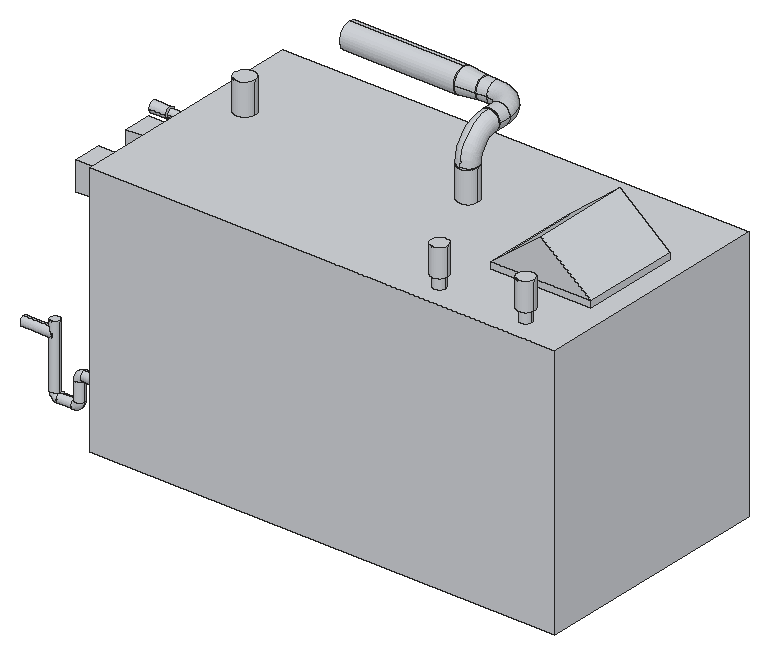
Revit family "AMP_BFIT 2000 Boiler Dual Fuel", category Mechanical Equipment, Revit 2019
Family settings
  Round Connector Dimension = Use Diameter
  Part Type = Normal
  OmniClass Number = 23.75.00.00
  OmniClass Title = Climate Control (HVAC)
  Work Plane-Based = No
  Always vertical = Yes
  Cut with Voids When Loaded = No
  Shared = No
  Room Calculation Point = No
Parameters (values of type "AMP/BFIT 2000 Boiler Dual Fuel")
  Width = 34 1/4"
  Length = 66 1/8"
  Height = 36 1/8"
  Voltage = ""
  Vent = "8\" EZ Vent"
  Manufacturer = "Bryan Steam"  # constant formula
  Hydronic Supply = "3\" Victaulic"
  Hydronic Return = "2-1/2\" Victaulic"
  Gas Train (Propane) = "1-1/4\" NPT"
  Gas Train (Natural Gas) = "1-1/4\" NPT"
  Condensate Trap = "1\" Pipe"
  Boiler Drain = "3/4\" NPT"
  Air Supply = "8\""
Reference planes
  plane 1 "Center (Front/Back)": y = 0
  plane 2: z = 0
  plane 3 "Center (Left/Right)": x = 0
  plane 4 "Vent": y = 95.25
  plane 5 "Condensate Trap": y = -304.8
  plane 6 "Supply 2.5" Victualic Elbow Style 10": x = 100.902
  plane 7 "3" Supply Manifold": z = 1127.125
  plane 8 "3" Supply Elbow Victaulic Style 10": y = 327.025
Forms (mm)
  Extrusion 1, solid
    sketch origin (0, 0, 0) x (1, 0, 0) y (0, 1, 0)
      loop
        line (-839.787, 434.975) -> (-839.787, -434.975) -> (839.788, -434.975) -> (839.788, 434.975) -> (-839.787, 434.975)
    from 0 to 917.575
  Extrusion 2, solid
    sketch origin (0, 0, 917.575) x (1, 0, 0) y (0, 1, 0)
      loop
        line (405.549, 174.625) -> (405.549, -180.975) -> (763.588, -180.975) -> (763.588, 174.625) -> (405.549, 174.625)
    from 0 to 21.63
  Extrusion 3, solid
    sketch origin (763.588, -180.975, 917.575) x (-1, 0, 0) y (0, 0, -1)
      loop
        line (358.038, -21.63) -> (0, -21.63) -> (179.019, -167.063) -> (358.038, -21.63)
    from 0 to -355.6
  Extrusion 4, solid
    sketch origin (0, 0, 917.575) x (1, 0, 0) y (0, 1, 0)
      loop
        circle (-703.262, 95.25) r 36.513
      loop
        circle (100.902, 95.25) r 36.513
    from 0 to 111.125
  Extrusion 5, solid
    sketch origin (-839.787, -434.975, 0) x (0, 1, 0) y (0, 0, -1)
      loop
        circle (714.375, -257.175) r 100.013
      loop
        circle (714.375, -257.175) r 94.456
    from 0 to 28.575
  Sweep 6, solid
    path origin (0, -304.8, 0) x (-1, 0, 0) y (0, 0, 1)
      loop
        line (839.787, 146.406) -> (960.793, 146.406)
        arc (960.793, 146.406) -> (973.15, 141.287) -> (978.268, 128.93) r 17.475
        line (978.268, 128.93) -> (978.268, 62.281)
        arc (978.268, 62.281) -> (983.387, 49.924) -> (995.743, 44.806) r 17.475
        line (995.743, 44.806) -> (1049.706, 44.806)
        arc (1049.706, 44.806) -> (1062.054, 49.92) -> (1067.168, 62.268) r 17.463
        line (1067.168, 62.268) -> (1067.168, 292.456)
    profile origin (-900.29, -304.8, 146.406) x (0, 0, 1) y (0, 1, 0)
      loop
        circle (0, 0) r 16.701
  Revolve 7, solid
    sketch origin (0, -304.8, 0) x (-1, 0, 0) y (0, 0, 1)
      loop
        line (1179.512, 247.65) -> (1179.512, 264.351) -> (1066.8, 264.351) -> (1066.8, 247.65) -> (1179.512, 247.65)
      axis (1066.8, 247.65) -> (1179.512, 247.65)
    angle from 0 to 360
  Sweep 8, solid
    path origin (100.902, 0, 0) x (0, 1, 0) y (0, 0, 1)
      loop
        line (94.688, 1028.7) -> (94.688, 1032.51)
        arc (94.688, 1032.51) -> (122.586, 1099.862) -> (189.938, 1127.76) r 95.25
        line (189.938, 1127.76) -> (193.748, 1127.76)
    profile origin (100.902, 94.688, 1030.605) x (0, -1, 0) y (1, 0, 0)
      loop
        circle (0, 0) r 36.05
  Sweep 9, solid
    path origin (0, 0, 1127.125) x (1, 0, 0) y (0, 1, 0)
      loop
        line (100.902, 193.748) -> (100.902, 238.198)
        arc (100.902, 238.198) -> (74.863, 301.059) -> (12.002, 327.098) r 88.9
        line (12.002, 327.098) -> (-29.273, 327.098)
    profile origin (100.902, 215.973, 1127.125) x (-1, 0, 0) y (0, 0, 1)
      loop
        circle (0, 0) r 36.314
  SweptBlend 10, solid
    path origin (0, 0, 1127.125) x (1, 0, 0) y (0, 1, 0)
      loop
        line (-29.273, 323.923) -> (-100.393, 323.923)
    profile origin (-29.273, 323.923, 1127.125) x (0, -1, 0) y (0, 0, 1)
      loop
        circle (-3.175, 0) r 36.314
    end profile origin (-100.393, 323.923, 1127.125) x (0, -1, 0) y (0, 0, 1)
      loop
        circle (-3.175, 0) r 44.45
  Extrusion 11, solid
    sketch origin (-100.393, 327.098, 1127.125) x (0, 0, -1) y (0, -1, 0)
      loop
        circle (0, -0.065) r 44.513
    from 0 to 411.46
  Extrusion 12, solid
    sketch origin (-839.787, -434.975, 0) x (0, 1, 0) y (0, 0, -1)
      loop
        line (345.313, -912.813) -> (345.313, -811.213) -> (243.713, -811.213) -> (243.713, -912.813) -> (345.313, -912.813)
      loop
        line (119.888, -912.8) -> (119.888, -811.2) -> (18.288, -811.2) -> (18.288, -912.8) -> (119.888, -912.8)
    from 0 to 63.004
  Revolve 13, solid
    sketch origin (0, 95.25, 0) x (-1, 0, 0) y (0, 0, 1)
      loop
        line (1055.687, 603.25) -> (1050.344, 705.218) -> (803.033, 692.257) -> (808.377, 590.289) -> (1055.687, 603.25)
      axis (808.377, 590.289) -> (1055.687, 603.25)
    angle from 0 to 360
  Extrusion 14, solid
    sketch origin (-839.787, -434.975, 0) x (0, 1, 0) y (0, 0, -1)
      loop
        circle (530.225, -815.975) r 13.335
    from 0 to 133.35
  Extrusion 15, solid
    sketch origin (0, 0, 917.575) x (1, 0, 0) y (0, 1, 0)
      loop
        circle (354.013, -349.25) r 21.082
      loop
        circle (665.163, -349.25) r 21.082
    from 0 to 41.275
  Extrusion 16, solid
    sketch origin (0, 0, 958.85) x (1, 0, 0) y (0, 1, 0)
      loop
        circle (354.013, -349.25) r 30.163
      loop
        circle (665.163, -349.25) r 30.163
    from 0 to 98.425
  Extrusion 17, solid
    sketch origin (-973.137, -434.975, 0) x (0, 1, 0) y (0, 0, -1)
      loop
        circle (530.225, -815.975) r 19.05
    from 0 to 60.325
Dimensions and locks
  "Height": Extrusion 1 to level
  equal spacing: Extrusion 1 sketch curve, plane 3 "Center (Left/Right)", Extrusion 1 sketch curve
  "Length": Extrusion 1 sketch curve to Extrusion 1 sketch curve
  equal spacing: Extrusion 1 sketch curve, plane 1 "Center (Front/Back)", Extrusion 1 sketch curve
  "Width": Extrusion 1 sketch curve to Extrusion 1 sketch curve
  locked: Extrusion 2 sketch curve to Extrusion 1 at 76.2
  locked: Extrusion 2 sketch curve to Extrusion 2 sketch curve at 358.038
  locked: Extrusion 2 sketch curve to Extrusion 2 sketch curve at 355.6
  locked: Extrusion 2 sketch curve to Extrusion 1 at 254
  locked: Extrusion 1 to Extrusion 4 sketch curve at 339.725  (x2)
  locked: Extrusion 1 to Extrusion 5 sketch curve at 257.175
  Extrusion 1 to Extrusion 5 sketch curve = 6 1/8"
  locked: Sweep 8 sketch curve to Sweep 8 sketch curve at 99.06  (x2)
  locked: level to plane 7 "3" Supply Manifold" at 1127.125
  Sweep 9 sketch curve to Sweep 8 = 5 1/4"
  Sweep 9 sketch curve to Sweep 9 sketch curve = 5 1/8"
  locked: SweptBlend 10 sketch curve to SweptBlend 10 sketch curve at 71.12
  SweptBlend 10 sketch curve to Sweep 9 = 0"
  plane 3 "Center (Left/Right)" to plane 6 "Supply 2.5" Victualic Elbow Style 10" = 3.9725"
  locked: plane 8 "3" Supply Elbow Victaulic Style 10" to plane 1 "Center (Front/Back)" at 327.025
  locked: plane 4 "Vent" to plane 1 "Center (Front/Back)" at 95.25
  locked: plane 5 "Condensate Trap" to plane 1 "Center (Front/Back)" at 304.8
  locked: Sweep 6 sketch curve to Sweep 6 sketch curve at 88.9
  locked: Sweep 6 sketch curve to Sweep 6 sketch curve at 247.65
  Revolve 7 sketch curve to Revolve 7 sketch curve = 4 7/16"
  locked: Extrusion 12 sketch curve to Extrusion 12 sketch curve at 101.6  (x4)
  locked: Revolve 13 sketch curve to Revolve 13 sketch curve at 102.108
  Extrusion 1 to Extrusion 14 sketch curve = 13 3/8"
  Extrusion 1 to Extrusion 14 sketch curve = 32 1/8"
  locked: Extrusion 1 to Revolve 7 sketch curve at 227.012
  locked: Extrusion 1 to Revolve 7 sketch curve at 247.65  (x2)
  locked: Revolve 7 sketch curve to Revolve 7 sketch curve at 16.701
  locked: Extrusion 1 to Extrusion 4 sketch curve at 136.525
  locked: Extrusion 1 to Extrusion 15 sketch curve at 85.725  (x2)
  locked: Extrusion 15 sketch curve to Extrusion 1 at 485.775
  locked: Extrusion 16 sketch curve to Extrusion 1 at 485.775
  locked: Extrusion 1 to Extrusion 16 sketch curve at 85.725  (x2)
  locked: Extrusion 1 to Extrusion 17 sketch curve at 101.6
  locked: Extrusion 1 to Extrusion 17 sketch curve at 339.725
  locked: Extrusion 15 sketch curve to Extrusion 1 at 174.625
  locked: Extrusion 16 sketch curve to Extrusion 1 at 174.625
  diameter of Extrusion 5 sketch curve = 7 7/16"
  diameter of Extrusion 5 sketch curve = 7 7/8"
  diameter of Extrusion 17 sketch curve = 1 1/2"
  diameter of Extrusion 15 sketch curve = 1.66"  (x2)
  diameter of Extrusion 16 sketch curve = 2 3/8"  (x2)
  aligned and locked: level to plane 2
Automatic sketch dimensions
  Extrusion 3 sketch curve to Extrusion 2 = 0"  (x3)
  Extrusion 3 sketch curve to Extrusion 2 = 7.048"
  Extrusion 3 sketch curve to Extrusion 2 = 5.72571"
  Extrusion 5 sketch curve to Extrusion 5 sketch curve = 0"  (x2)
  Sweep 6 sketch curve to plane 5 "Condensate Trap" = 0"
  profile plane to Sweep 6 sketch curve = 0"
  Sweep 6 sketch curve to Sweep 6 sketch curve = 0.688"  (x2)
  Sweep 6 sketch curve to Sweep 6 sketch curve = 11/16"
  Sweep 6 sketch curve to Sweep 6 sketch curve = 2.624"
  Sweep 6 sketch curve to Sweep 6 sketch curve = 4.764"
  Sweep 8 sketch curve to plane 4 "Vent" = 0.02214"
  plane 4 "Vent" to Sweep 8 sketch curve = 3.72786"
  Sweep 8 sketch curve to plane 6 "Supply 2.5" Victualic Elbow Style 10" = 0"
  Sweep 8 sketch curve to profile plane = 0"
  Sweep 9 sketch curve to plane 6 "Supply 2.5" Victualic Elbow Style 10" = 0"
  Sweep 9 sketch curve to Sweep 9 sketch curve = 1 5/8"
  Sweep 9 sketch curve to Sweep 9 sketch curve = 1 3/4"
  Sweep 9 sketch curve to plane 7 "3" Supply Manifold" = 0"
  Sweep 9 sketch curve to profile plane = 0"
  plane 4 "Vent" to SweptBlend 10 sketch curve = 9.00286"
  SweptBlend 10 sketch curve to plane 7 "3" Supply Manifold" = 0"  (x2)
  profile plane to SweptBlend 10 sketch curve = 1/8"  (x2)
  Revolve 7 sketch curve to Revolve 7 sketch curve = 0.2025"
  Revolve 7 sketch curve to Revolve 7 sketch curve = 1.453"
  Revolve 13 sketch curve to Revolve 13 sketch curve = 5.78139"
  Revolve 13 sketch curve to Revolve 13 sketch curve = 4.32851"
  Revolve 13 sketch curve to Revolve 13 sketch curve = 0.21039"
  Revolve 13 sketch curve to Revolve 13 sketch curve = 0"  (x2)
  Extrusion 4 sketch curve to Extrusion 1 = 29.09"
  level to Sweep 6 sketch curve = 5.764"
  Sweep 6 sketch curve to plane 3 "Center (Left/Right)" = 37.8265"
  Sweep 8 sketch curve to plane 7 "3" Supply Manifold" = 3.725"
  Extrusion 1 to Extrusion 12 sketch curve = 0.188"
  Extrusion 12 sketch curve to Extrusion 1 = 0.72"
  Extrusion 1 to Extrusion 12 sketch curve = 3/16"
  Extrusion 12 sketch curve to Extrusion 12 sketch curve = 4 7/8"
  Revolve 13 sketch curve to plane 3 "Center (Left/Right)" = 31.61547"
  Revolve 13 sketch curve to plane 7 "3" Supply Manifold" = 16.61051"
  Revolve 13 sketch curve to Revolve 13 sketch curve = 9.73664"
  radius of Sweep 6 sketch curve = 0.6575"
  radius of Sweep 8 sketch curve = 1.41931"
  radius of Sweep 9 sketch curve = 1 55/128"
  radius of Extrusion 11 sketch curve = 1.75249"
  radius of SweptBlend 10 sketch curve = 1 55/128"
  radius of SweptBlend 10 sketch curve = 1 3/4"
  radius of Extrusion 4 sketch curve = 1 7/16"  (x2)
  radius of Extrusion 14 sketch curve = 0.525"
Connectors
  piping at (-703.262, 95.25, 1028.7), diameter 63.5
    settings: on Extrusion 4, index 2, connector inside diameter 24", connector length 0", flow factor 0, pipe flow 0 GPM, pressure drop 0.00 psi, fitting loss kfactor 0, connector angle 0.00°, fixture units 0, engagement length 0", angle of deflection 0.00°, flow configuration 0, flow direction 1, fitting loss method 0, system type 8, joint type 0, gender type 0, connector reference index -1, connector utility 0, adjustable connector no, is connector primary yes, connector description ""
  piping at (-868.362, 279.4, 257.175), diameter 203.2
    settings: on Extrusion 5, index 4, connector inside diameter 24", connector length 0", flow factor 0, pipe flow 0 GPM, pressure drop 0.00 psi, fitting loss kfactor 0, connector angle 0.00°, fixture units 0, engagement length 0", angle of deflection 0.00°, flow configuration 0, flow direction 1, fitting loss method 0, system type 22, joint type 0, gender type 0, connector reference index -1, connector utility 0, adjustable connector no, is connector primary no, connector description ""
  piping at (-1055.687, 95.25, 603.25), diameter 203.2
    settings: on Revolve 13, index 5, connector inside diameter 24", connector length 0", flow factor 0, pipe flow 0 GPM, pressure drop 0.00 psi, fitting loss kfactor 0, connector angle 0.00°, fixture units 0, engagement length 0", angle of deflection 0.00°, flow configuration 0, flow direction 2, fitting loss method 0, system type 17, joint type 0, gender type 0, connector reference index -1, connector utility 0, adjustable connector no, is connector primary no, connector description ""
  piping at (-1179.512, -304.8, 247.65), diameter 25.4
    settings: on Revolve 7, index 6, connector inside diameter 24", connector length 0", flow factor 0, pipe flow 0 GPM, pressure drop 0.00 psi, fitting loss kfactor 0, connector angle 0.00°, fixture units 0, engagement length 0", angle of deflection 0.00°, flow configuration 0, flow direction 2, fitting loss method 0, system type 22, joint type 0, gender type 0, connector reference index -1, connector utility 0, adjustable connector no, is connector primary no, connector description ""
  piping at (-511.854, 327.162, 1127.125), diameter 76.2
    settings: on Extrusion 11, index 8, connector inside diameter 24", connector length 0", flow factor 0, pipe flow 0 GPM, pressure drop 0.00 psi, fitting loss kfactor 0, connector angle 0.00°, fixture units 0, engagement length 0", angle of deflection 0.00°, flow configuration 0, flow direction 2, fitting loss method 0, system type 7, joint type 0, gender type 0, connector reference index -1, connector utility 0, adjustable connector no, is connector primary no, connector description ""
  piping at (354.013, -349.25, 1057.275), diameter 31.75
    settings: on Extrusion 16, index 10, connector inside diameter 24", connector length 0", flow factor 0, pipe flow 0 GPM, pressure drop 0.00 psi, fitting loss kfactor 0, connector angle 0.00°, fixture units 0, engagement length 0", angle of deflection 0.00°, flow configuration 0, flow direction 1, fitting loss method 0, system type 22, joint type 0, gender type 0, connector reference index -1, connector utility 0, adjustable connector no, is connector primary no, connector description ""
  piping at (-1033.462, 95.25, 815.975), diameter 19.05
    settings: on Extrusion 17, index 11, connector inside diameter 24", connector length 0", flow factor 0, pipe flow 0 GPM, pressure drop 0.00 psi, fitting loss kfactor 0, connector angle 0.00°, fixture units 0, engagement length 0", angle of deflection 0.00°, flow configuration 0, flow direction 2, fitting loss method 0, system type 22, joint type 0, gender type 0, connector reference index -1, connector utility 0, adjustable connector no, is connector primary no, connector description ""
  piping at (665.163, -349.25, 1057.275), diameter 31.75
    settings: on Extrusion 16, index 12, connector inside diameter 24", connector length 0", flow factor 0, pipe flow 0 GPM, pressure drop 0.00 psi, fitting loss kfactor 0, connector angle 0.00°, fixture units 0, engagement length 0", angle of deflection 0.00°, flow configuration 0, flow direction 1, fitting loss method 0, system type 22, joint type 0, gender type 0, connector reference index -1, connector utility 0, adjustable connector no, is connector primary no, connector description ""
